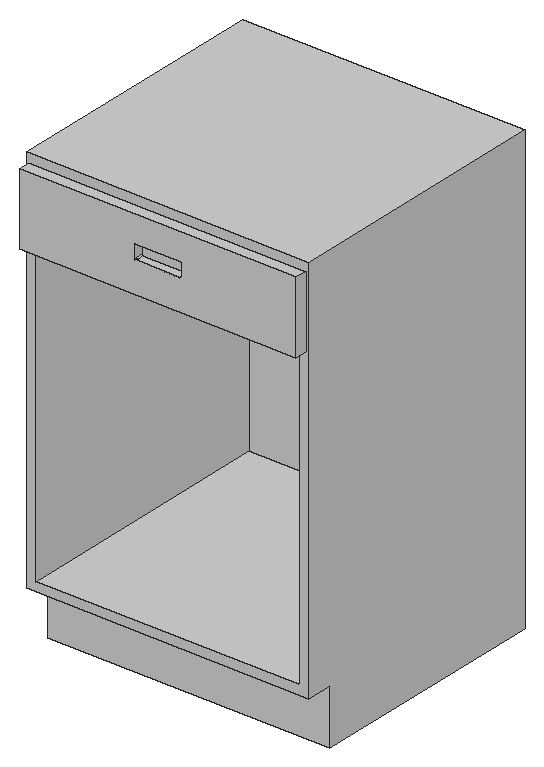
Revit family "WC27", category Specialty Equipment, Revit 2012
Parameters (values of type "Work Counter Unit w/ 1 Drawer (Default)")
  URL = "http://madixinc.com/store/pharmacy/counters.html"
  Model = "Work Counter"
  Manufacturer = "© 2012 Madix, Inc. All rights reserved."
Reference planes (in)
  plane 1 "Center (Front/Back)": y = 0
  plane 2: z = 0
  plane 3 "Center (Left/Right)": x = 0
  plane 4: x = -12
  plane 5: x = 12
  plane 6: y = 12
  plane 7: y = -12
  plane 8: z = 38
  plane 9: y = -11.25
  plane 10: y = -11.875
  plane 11: x = 11.75
  plane 12: x = -11.75
  plane 13: x = -11.25
Forms (in)
  Extrusion 1, solid, material "Metal - Steel"
    sketch origin (0, 0, 0) x (0, -1, 0) y (0, 0, -1)
      loop
        line (-12, 0) -> (-12, -38) -> (11, -38) -> (11, -4.75) -> (8.75, -4.75) -> (8.75, 0) -> (-12, 0)
    from -12 to -11.25
  Extrusion 2, solid, material "Metal - Steel"
    sketch origin (0, 0, 0) x (0, 1, 0) y (0, 0, 1)
      loop
        line (-11, 37.25) -> (-11.25, 37.25) -> (-11.25, 31.125) -> (-11, 31.125) -> (-11, 37.25)
    from -11.75 to 11.75
  Extrusion 3, solid, material "Metal - Steel"
    sketch origin (0, 0, 0) x (1, 0, 0) y (0, 0, 1)
      loop
        line (-11.75, 37.25) -> (-11.75, 31.125) -> (11.75, 31.125) -> (11.75, 37.25) -> (-11.75, 37.25)
      loop
        line (-2, 35.125) -> (-2, 34.5) -> (-2, 33.875)
        arc (-2, 33.875) -> (-1.96339, 33.78661) -> (-1.875, 33.75) r 0.125
        line (-1.875, 33.75) -> (0, 33.75) -> (1.875, 33.75)
        arc (1.875, 33.75) -> (1.96339, 33.78661) -> (2, 33.875) r 0.125
        line (2, 33.875) -> (2, 34.5) -> (2, 35.125)
        arc (2, 35.125) -> (1.96339, 35.21339) -> (1.875, 35.25) r 0.125
        line (1.875, 35.25) -> (0, 35.25) -> (-1.875, 35.25)
        arc (-1.875, 35.25) -> (-1.96339, 35.21339) -> (-2, 35.125) r 0.125
    from 11.25 to 11.875
  Extrusion 4, solid, material "Metal - Steel"
    sketch origin (0, 0, 0) x (1, 0, 0) y (0, 0, 1)
      loop
        line (-11.75, 37.25) -> (-11.75, 31.125) -> (11.75, 31.125) -> (11.75, 37.25) -> (-11.75, 37.25)
      loop
        arc (-1.875, 35) -> (-1.96339, 34.96339) -> (-2, 34.875) r 0.125
        line (-2, 34.875) -> (-2, 33.875)
        arc (-2, 33.875) -> (-1.96339, 33.78661) -> (-1.875, 33.75) r 0.125
        line (-1.875, 33.75) -> (1.875, 33.75)
        arc (1.875, 33.75) -> (1.96339, 33.78661) -> (2, 33.875) r 0.125
        line (2, 33.875) -> (2, 34.875)
        arc (2, 34.875) -> (1.96339, 34.96339) -> (1.875, 35) r 0.125
        line (1.875, 35) -> (-1.875, 35)
    from 11.875 to 12
  Extrusion 5, solid, material "Metal - Steel"
    sketch origin (0, 0, 0) x (0, -1, 0) y (0, 0, 1)
      loop
        line (-12, 0) -> (8.75, 0) -> (8.75, 4.75) -> (11, 4.75) -> (11, 38) -> (-12, 38) -> (-12, 0)
    from -12 to -11.25
  Extrusion 6, solid, material "Metal - Steel"
    sketch origin (0, 0, 0) x (1, 0, 0) y (0, 1, 0)
      loop
        line (-11.25, 12) -> (-11.25, 11.75) -> (11.25, 11.75) -> (11.25, 12) -> (-11.25, 12)
    from 0 to 38
  Extrusion 7, solid, material "Metal - Steel"
    sketch origin (0, 0, 0) x (1, 0, 0) y (0, 1, 0)
      loop
        line (11.25, -11) -> (11.25, 11.75) -> (-11.25, 11.75) -> (-11.25, -11) -> (11.25, -11)
    from 31.125 to 38
  Extrusion 8, solid, material "Metal - Steel"
    sketch origin (0, 0, 0) x (0, 1, 0) y (0, 0, 1)
      loop
        line (-8.75, 0) -> (11.75, 0) -> (11.75, 5.5) -> (-11, 5.5) -> (-11, 4.75) -> (-8.75, 4.75) -> (-8.75, 0)
    from -11.25 to 11.25
Cuts and joins
  joined: Extrusion 1, Extrusion 2, Extrusion 3, Extrusion 4, Extrusion 5, Extrusion 6, Extrusion 7, Extrusion 8
Dimensions and locks (in)
  aligned and locked: level to plane 2
  aligned and locked: Extrusion 4 to Extrusion 3
  aligned and locked: plane 11 to Extrusion 3
  aligned and locked: Extrusion 3 to Extrusion 2
  aligned and locked: Extrusion 4 to Extrusion 2
  aligned and locked: Extrusion 3 to Extrusion 4
  aligned and locked: Extrusion 2 to Extrusion 3
